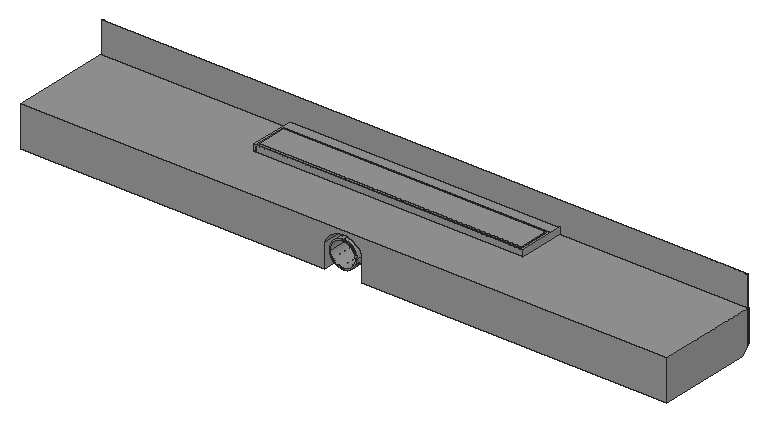
Revit family "HL_Duschrinne_HL531Prblue-A-240222", category Instalační zařizovací předměty, Revit 2021
Family settings
  Kóta kulaté spojky = Použít průměr
  Typ dílu = Normální
  Číslo OmniClass = 23.70.50.21.24.14
  Nadpis OmniClass = Deck Waste Water Drains
  Založené na pracovní rovině = Ne
  Vždy vertikální = Ano
  Ořezat dutým tvarem při načtení = Ne
  Sdílené = Ano
  Bod výpočtu místnosti = Ano
Parameters (values of type "HL_Duschrinne_HL531PrBlue")
  Výchozí výška = 0 mm
  VOLUMENSTROM = 0.0 L/s
  Rechts Schnitt [instance] = 0 mm
  RECHTSAUSKUNFT = "Urheberrechte (©), Designrechte und alle anderen Rechte am geistigen Eigentum, sind ausschließlich Eigentum der Firma HL Hutterer&Lechner GmbH. Änderungen sind nicht gestattet. Die Familien (Teile) sind mit Wasserzeichen geschützt."
  R [instance] = 600 mm - Rechts Schnitt  # 600 mm
  Přípoj ventilace = no
  Výrobce = "HL Hutterer & Lechner GmbH"
  URL = "https://www.hutterer-lechner.com/de/Products/catalog/Barriere-free-showers/Shower-channel/installation-wall-side/HL531PrBlue.aspx"
  Přípoj odpadních dílů = yes
  Přípoj HW = no
  Popis = "Duschrinne"
  Model = ""
  MATERIAL = "PP/ABS/EPS-40/Edelstahl V2A"
  Links Schnitt [instance] = 0 mm
  LEISTUNG = "0,60l/s"
  L [instance] = 600 mm - Links Schnitt  # 600 mm
  Komentáře k typům = "Duschrinne Primus blue mit EPS-Einbauelement, Edelstahlrahmen und Abdeckung Standard"
  Indexovaná poznámka = "HL531PrBlue"
  Přípoj CW = no
  GEWICHT = "2,59 [kg] "
  EINLAUFROST = "Edelstahl V2A 486 x 56 mm"
  EINBAUHÖHE = "75 mm"
  EAN = "9003076051571"
  DURCHMESSER = 50 mm
  DIMENSION = "DN50"
  BELASTUNGSKLASSE = "K3 - 300kg"
  AUFSATZ = "13 mm Rahmen-/Belagshöhe"
Reference planes
  plane 1 "Center (Front/Back)": y = 0
  plane 2: z = 0
  plane 3 "Center (Left/Right)": x = 0
  plane 4 "Ball Joint Vertical": x = 25.45
  plane 5: z = -97
  plane 6: z = -176.683
  plane 7: x = 600
  plane 8: x = -600
Lines and regions (mm)
  model lines, style "InvisibleLines", not visible
    curve 1: line (0, 0, 0) -> (0, 0, 1000)
  symbolic lines, not visible, detail levels coarse+medium
    curve 2: line (-240, 25.024, 0) -> (240, 25.024, 0)
    curve 3: line (-240, -24.976, 0) -> (-240, 25.024, 0)
    curve 4: line (240, -24.976, 0) -> (-240, -24.976, 0)
    curve 5: line (240, 25.024, 0) -> (240, -24.976, 0)
  model lines, detail levels coarse+medium
    curve 6: line (0, 0, 0) -> (0, 0, -53.6)
    curve 7: line (0, 0, -53.6) -> (0, -138.146, -53.6)
    curve 9: line (246.695, 30.727, 0) -> (-246.324, 30.727, 0)
    curve 10: line (246.695, -32.401, 0) -> (246.695, 30.727, 0)
    curve 11: line (-246.324, -32.401, 0) -> (246.695, -32.401, 0)
    curve 12: line (-246.324, 30.727, 0) -> (-246.324, -32.401, 0)
  symbolic lines, detail levels coarse+medium
    curve 8: line (0, -147.03, 0) -> (0, -24.976, 0)
    curve 13: line (-249.943, 0, 0) -> (250.057, 0, 0)
    curve 14: line (-249.943, 0, -27.977) -> (-249.943, 0, 0)
    curve 15: line (250.057, 0, -27.977) -> (-249.943, 0, -27.977)
    curve 16: line (250.057, 0, 0) -> (250.057, 0, -27.977)
Text (mm)
  text "FLOOR" at (-229.539, 0, -42.992), in view "Konstruktionsansicht"
Dimensions and locks
  locked: plane 4 "Ball Joint Vertical" to plane 3 "Center (Left/Right)" at 25.45
  "L": plane 8 to plane 3 "Center (Left/Right)"
  "R": plane 3 "Center (Left/Right)" to plane 7
  aligned and locked: level to plane 2
Automatic sketch dimensions
  curve 7 to plane 1 "Center (Front/Back)" = 0 mm
  level to curve 6 = 0 mm
  plane 5 to curve 7 = 43.4 mm
  plane 1 "Center (Front/Back)" to curve 7 = 138.146 mm
  curve 13 to level = 0 mm
  curve 1 to plane 3 "Center (Left/Right)" = 0 mm
  curve 14 to plane 3 "Center (Left/Right)" = 249.943 mm
  plane 4 "Ball Joint Vertical" to curve 13 = 224.607 mm
  curve 16 to level = 27.977 mm
  level to curve 1 = 1000 mm
  curve 8 to plane 3 "Center (Left/Right)" = 0 mm
  plane 1 "Center (Front/Back)" to curve 12 = 32.401 mm
  curve 12 to plane 3 "Center (Left/Right)" = 246.324 mm
  plane 4 "Ball Joint Vertical" to curve 11 = 221.245 mm
  curve 9 to plane 1 "Center (Front/Back)" = 30.727 mm
  plane 1 "Center (Front/Back)" to curve 8 = 147.03 mm
  plane 1 "Center (Front/Back)" to curve 8 = 24.976 mm
Nested families
  nested 1: "HL-Duschrinne-HL531PrBlue.0" at (0, 51.854, 0), Links Schnitt <- "Links Schnitt", Rechts Schnitt <- "Rechts Schnitt", type "HL_Duschrinne_HL531PrBlue.0"
    with x 250 mm, Rechts Schnitt 0 mm, Rcut 600 mm, Links Schnitt 0 mm, Lcut 600 mm
  nested 2: "HL-Abdeckung_Standard-HL0531PrBlue-S" at (0, 0, 0), type "HL_Abdeckung_Standard_HL0531PrBlue-S_vymena"
Connectors
  piping at (0, -138.146, -49.097), diameter 50, driven by "DURCHMESSER", driven by "VOLUMENSTROM"
    settings: on curve 7, index 1, connector inside diameter 609.6 mm, connector length 0 mm, flow factor 0, pipe flow 0.0 L/s, pressure drop 0.0 Pa, fitting loss kfactor 0, connector angle 0.00°, fixture units 0, engagement length 0 mm, angle of deflection 0.00°, flow configuration 1, flow direction 2, fitting loss method 0, system type 16, joint type 0, gender type 0, connector reference index -1, connector utility 0, adjustable connector yes, is connector primary yes, connector description ""
Definition of nested family "HL-Duschrinne-HL531PrBlue.0"
  Parameters (values of type "HL_Duschrinne_HL531PrBlue.0")
    x [instance] = if((Lcut) < 300 mm, -1 mm, if((Lcut) > 600 mm, -1 mm, if((Rcut) < 300 mm, -1 mm, if((Rcut) > 600 mm, -1 mm, 250 mm))))  # 250 mm
    Waste Connection = yes
    Default Elevation = 0 mm
    Vent Connection = no
    Manufacturer = "HL Hutterer & Lechner GmbH"
    URL = "https://www.hutterer-lechner.com/de/Products/catalog/Barriere-free-showers/Shower-channel/installation-wall-side/HL531PrBlue.0.aspx"
    Rechts Schnitt [instance] = 0 mm
    Rcut [instance] = cmax - Rechts Schnitt  # 600 mm
    cmin = 300 mm
    cmax = 600 mm
    RECHTSAUSKUNFT = "Urheberrechte (©), Designrechte und alle anderen Rechte am geistigen Eigentum, sind ausschließlich Eigentum der Firma HL Hutterer&Lechner GmbH. Änderungen sind nicht gestattet. Die Familien (Teile) sind mit Wasserzeichen geschützt."
    MATERIAL = "PP/ABS/EPS-40/Edelstahl V2A"
    Links Schnitt [instance] = 0 mm
    Lcut [instance] = cmax - Links Schnitt  # 600 mm
    LEISTUNG = "0,60l/s"
    Assembly Code = ""
    INSTALATION HEIGHT = "75 mm"
    HW Connection = no
    Description = "Duschrinne"
    Model = ""
    Type Comments = "Duschrinne Primus blue mit EPS-Einbauelement und Edelstahlrahmen, ohne Abdeckung"
    Keynote = "HL531PrBlue.0"
    GEWICHT = "2,178 [kg] "
    EAN = "9003076051595"
    DIMENSION = "DN50"
    CW Connection = no
    BELASTUNGSKLASSE = "K3 - 300kg"
    AUFSATZ = "13 mm Rahmen-/Belagshöhe"
  Reference planes
    plane 1 "Center (Front/Back)": y = 0
    plane 2: z = 0
    plane 3 "Center (Left/Right)": x = 0
    plane 4 "Ball Joint Vertical": x = 25.45
    plane 5: x = 600
    plane 6: x = -600
  Forms (mm)
    Extrusion 1, solid, detail levels fine
      sketch origin (0, 0, 0) x (1, 0, 0) y (0, 0, 1)
        loop
          circle (0, -50.152) r 25
        loop
          circle (0, -50.152) r 23.012
      from 190.513 to 129.443
    Extrusion 2, solid, detail levels fine
      sketch origin (0, 0, 0) x (1, 0, 0) y (0, 1, 0)
        loop
          line (600, 0) -> (250.057, 0) -> (250.057, -86) -> (-249.943, -86) -> (-249.943, 0) -> (-600, 0) -> (-600, -190) -> (600, -190) -> (600, 0)
      from -11.073 to -86.014
    Sweep 3, void
      path origin (0, 0, 0) x (1, 0, 0) y (0, 1, 0)
        loop
          line (0.057, -190) -> (0.057, -129.443)
      profile origin (0.057, -159.721, 0) x (-1, 0, 0) y (0, 0, 1)
        loop
          line (-34.009, -86.014) -> (34.123, -86.014) -> (34.123, -41.014)
          arc (34.123, -41.014) -> (21.022, -23.482) -> (0.057, -17.202) r 34.892
          arc (0.057, -17.202) -> (-20.908, -23.482) -> (-34.009, -41.014) r 34.892
          line (-34.009, -41.014) -> (-34.009, -86.014)
        loop
          circle (0.057, -50.152) r 25
    Sweep 4, void
      path origin (0, 0, 0) x (1, 0, 0) y (0, 1, 0)
        loop
          line (0, -190.513) -> (0, -81.786)
      profile origin (0, -136.15, 0) x (-1, 0, 0) y (0, 0, 1)
        loop
          circle (0, -50.152) r 23.012
    Extrusion 5, solid, detail levels fine
      sketch origin (0, 0, 0) x (1, 0, 0) y (0, 1, 0)
        loop
          line (-249.943, -86) -> (250, -86) -> (250, 0) -> (-249.943, 0) -> (-249.943, -86)
        loop
          line (-246.324, -84.255) -> (246.695, -84.255) -> (246.695, -21.127) -> (-246.324, -21.127) -> (-246.324, -84.255)
      from 0 to -27.977
    Extrusion 6, solid, detail levels fine
      sketch origin (0, 0, 0) x (1, 0, 0) y (0, 1, 0)
        loop
          line (250.057, -86) -> (250.057, 0) -> (-249.943, 0) -> (-249.943, -86) -> (250.057, -86)
        loop
          line (90.224, -30.044) -> (-90.224, -30.044)
          arc (-90.224, -30.044) -> (-111.717, -51.537) -> (-90.224, -73.029) r 21.493
          line (-90.224, -73.029) -> (90.224, -73.029)
          arc (90.224, -73.029) -> (111.717, -51.537) -> (90.224, -30.044) r 21.493
      from -27.977 to -53.61
    Extrusion 7, solid, detail levels fine
      sketch origin (0, 0, 0) x (1, 0, 0) y (0, 1, 0)
        loop
          line (-249.943, -86) -> (250.057, -86) -> (250.057, 0) -> (-249.943, 0) -> (-249.943, -86)
      from -53.61 to -86.014
    Sweep 8, void
      path origin (0, 0, 0) x (1, 0, 0) y (0, 1, 0)
        loop
          line (-719.943, 0) -> (720.057, 0)
      profile origin (0.057, 0, 0) x (0, 1, 0) y (0, 0, 1)
        loop
          line (-16.321, -87.335) -> (0.844, -87.335) -> (0.844, -70.169) -> (-16.321, -87.335)
    Extrusion 9, solid, detail levels fine
      sketch origin (0, 0, 0) x (1, 0, 0) y (0, 1, 0)
        loop
          line (50, -27.393) -> (-50, -27.393)
          arc (-50, -27.393) -> (-74.461, -51.854) -> (-50, -76.316) r 24.461
          line (-50, -76.316) -> (50, -76.316)
          arc (50, -76.316) -> (74.461, -51.854) -> (50, -27.393) r 24.461
      from -15.202 to -53.61
    Extrusion 10, solid, detail levels fine
      sketch origin (0, 0, 0) x (1, 0, 0) y (0, 1, 0)
        loop
          line (-600, 0) -> (-600, -1) -> (600, -1) -> (600, 0) -> (-600, 0)
      from 45.595 to -72.633
  Cuts and joins
    Sweep 3, Sweep 4, Sweep 8 cuts Extrusion 2
    Sweep 8 cuts Extrusion 6
    Sweep 8 cuts Extrusion 7
    joined: Extrusion 2, Extrusion 6, Extrusion 7
    Sweep 4 cuts Extrusion 1
  Text (mm)
    text "ROOF/FLOOR" at (-198.233, 0, -26.556), in view "Konstruktionsansicht"
  Dimensions and locks
    locked: plane 4 "Ball Joint Vertical" to plane 3 "Center (Left/Right)" at 25.45
    "Rcut": plane 3 "Center (Left/Right)" to plane 5
    "Lcut": plane 6 to plane 3 "Center (Left/Right)"
    "x": plane 3 "Center (Left/Right)" to Extrusion 5
    locked: Sweep 8 sketch curve to plane 3 "Center (Left/Right)" at 719.943
    locked: plane 3 "Center (Left/Right)" to Sweep 8 sketch curve at 720.057
    aligned and locked: level to plane 2
    aligned and locked: Extrusion 6 to Extrusion 5
    aligned and locked: Extrusion 7 to Extrusion 6
    aligned and locked: Extrusion 9 to cut or joined group of Extrusion 2, Sweep 3, Sweep 4, Extrusion 6, Extrusion 7, Sweep 8
    aligned and locked: plane 5 to Extrusion 2
    aligned and locked: Extrusion 2 to plane 6
    aligned and locked: Extrusion 10 to cut or joined group of Extrusion 2, Sweep 3, Sweep 4, Extrusion 6, Extrusion 7, Sweep 8
    aligned and locked: cut or joined group of Extrusion 2, Sweep 3, Sweep 4, Extrusion 6, Extrusion 7, Sweep 8 to Extrusion 10
  Automatic sketch dimensions
    Extrusion 1 sketch curve to Extrusion 1 sketch curve = 0 mm  (x2)
    Extrusion 1 sketch curve to plane 3 "Center (Left/Right)" = 0 mm
    Extrusion 1 sketch curve to level = 50.152 mm
    plane 1 "Center (Front/Back)" to Extrusion 2 sketch curve = 0 mm  (x2)
    Extrusion 2 sketch curve to plane 6 = 0 mm
    Extrusion 2 sketch curve to plane 5 = 0 mm
    plane 1 "Center (Front/Back)" to Extrusion 2 sketch curve = 86 mm
    Extrusion 2 sketch curve to plane 3 "Center (Left/Right)" = 249.943 mm
    plane 4 "Ball Joint Vertical" to Extrusion 2 sketch curve = 224.607 mm
    plane 1 "Center (Front/Back)" to Extrusion 2 sketch curve = 190 mm
    plane 3 "Center (Left/Right)" to Sweep 3 sketch curve = 0.057 mm
    plane 1 "Center (Front/Back)" to Sweep 3 sketch curve = 190 mm
    Sweep 3 sketch curve to Sweep 3 sketch curve = 60.557 mm
    Sweep 3 sketch curve to Sweep 3 sketch curve = 0 mm  (x3)
    profile plane to Sweep 3 sketch curve = 34.009 mm
    profile plane to Sweep 3 sketch curve = 0.918 mm
    Sweep 3 sketch curve to profile plane = 0.057 mm
    Sweep 3 sketch curve to profile plane = 1.032 mm
    Sweep 3 sketch curve to profile plane = 34.123 mm
    Sweep 3 sketch curve to level = 86.014 mm
    Sweep 3 sketch curve to Sweep 3 sketch curve = 33.933 mm
    Sweep 3 sketch curve to Sweep 3 sketch curve = 1.929 mm
    Sweep 3 sketch curve to Sweep 3 sketch curve = 9.138 mm  (x2)
    Sweep 3 sketch curve to Sweep 3 sketch curve = 9.066 mm
    Sweep 4 sketch curve to plane 3 "Center (Left/Right)" = 0 mm
    plane 1 "Center (Front/Back)" to Sweep 4 sketch curve = 190.513 mm
    plane 1 "Center (Front/Back)" to Sweep 4 sketch curve = 81.786 mm
    Sweep 4 sketch curve to Sweep 4 sketch curve = 0 mm  (x2)
    Sweep 4 sketch curve to profile plane = 0 mm
    Sweep 4 sketch curve to level = 50.152 mm
    profile plane to Sweep 4 sketch curve = 23.012 mm
    plane 1 "Center (Front/Back)" to Extrusion 5 sketch curve = 0 mm
    Extrusion 5 sketch curve to plane 3 "Center (Left/Right)" = 249.943 mm
    Extrusion 5 sketch curve to Extrusion 5 sketch curve = 3.619 mm
    plane 1 "Center (Front/Back)" to Extrusion 5 sketch curve = 84.255 mm
    plane 4 "Ball Joint Vertical" to Extrusion 5 sketch curve = 221.245 mm
    Extrusion 5 sketch curve to Extrusion 5 sketch curve = 3.305 mm
    Extrusion 5 sketch curve to Extrusion 5 sketch curve = 1.745 mm
    plane 1 "Center (Front/Back)" to Extrusion 5 sketch curve = 21.127 mm
    plane 1 "Center (Front/Back)" to Extrusion 6 sketch curve = 0 mm
    plane 1 "Center (Front/Back)" to Extrusion 6 sketch curve = 86 mm
    Extrusion 6 sketch curve to plane 3 "Center (Left/Right)" = 249.943 mm
    Extrusion 6 sketch curve to plane 3 "Center (Left/Right)" = 90.224 mm
    plane 1 "Center (Front/Back)" to Extrusion 6 sketch curve = 30.044 mm
    plane 4 "Ball Joint Vertical" to Extrusion 6 sketch curve = 64.774 mm
    Extrusion 6 sketch curve to Extrusion 6 sketch curve = 159.833 mm
    Extrusion 6 sketch curve to Extrusion 6 sketch curve = 42.985 mm
    plane 1 "Center (Front/Back)" to Extrusion 7 sketch curve = 0 mm
    Extrusion 7 sketch curve to plane 3 "Center (Left/Right)" = 249.943 mm
    plane 4 "Ball Joint Vertical" to Extrusion 7 sketch curve = 224.607 mm
    Extrusion 7 sketch curve to Extrusion 7 sketch curve = 86 mm
    profile plane to Sweep 8 sketch curve = 16.321 mm
    Sweep 8 sketch curve to profile plane = 0.844 mm
    Sweep 8 sketch curve to level = 87.335 mm
    Sweep 8 sketch curve to Sweep 8 sketch curve = 17.166 mm
    Extrusion 9 sketch curve to plane 3 "Center (Left/Right)" = 50 mm
    plane 4 "Ball Joint Vertical" to Extrusion 9 sketch curve = 24.55 mm
    plane 1 "Center (Front/Back)" to Extrusion 9 sketch curve = 76.316 mm
    Extrusion 9 sketch curve to Extrusion 9 sketch curve = 24.461 mm
    Extrusion 10 sketch curve to plane 6 = 0 mm
    Extrusion 10 sketch curve to plane 5 = 0 mm
    plane 1 "Center (Front/Back)" to Extrusion 10 sketch curve = 0 mm
    plane 1 "Center (Front/Back)" to Extrusion 10 sketch curve = 1 mm
    plane 1 "Center (Front/Back)" to Sweep 8 sketch curve = 0 mm
    radius of Extrusion 1 sketch curve = 25 mm
    radius of Extrusion 1 sketch curve = 23.012 mm
Definition of nested family "HL-Abdeckung_Standard-HL0531PrBlue-S"
  Parameters (values of type "HL_Abdeckung_Standard_HL0531PrBlue-S")
    Waste Connection = yes
    Default Elevation = 0 mm
    Vent Connection = no
    Manufacturer = "HL Hutterer & Lechner GmbH"
    URL = "https://www.hutterer-lechner.com/de/Products/catalog/Barriere-free-showers/Shower-channel/installation-wall-side/HL0531PrBlue-S.aspx"
    RECHTSAUSKUNFT = "Urheberrechte (©), Designrechte und alle anderen Rechte am geistigen Eigentum, sind ausschließlich Eigentum der Firma HL Hutterer&Lechner GmbH. Änderungen sind nicht gestattet. Die Familien (Teile) sind mit Wasserzeichen geschützt."
    MATERIAL = "Edelstahl V2A"
    Assembly Code = ""
    HW Connection = no
    Description = "Duschrinne - Zubehör"
    Model = ""
    Type Comments = "Abdeckung Standard zu HL531Prblue(.0)"
    Keynote = "HL0531PrBlue-S"
    GEWICHT = "0,413 [kg] "
    EAN = "9003076051717"
    DIMENSION = "486x56 mm"
    CW Connection = no
    BELASTUNGSKLASSE = "K3 - 300kg"
  Reference planes
    plane 1 "Center (Front/Back)": y = 0
    plane 2: z = 0
    plane 3 "Center (Left/Right)": x = 0
    plane 4 "Ball Joint Vertical": x = 25.45
  Forms (mm)
    Sweep 1, solid, detail levels fine
      path origin (0, 0, 0) x (1, 0, 0) y (0, 1, 0)
        loop
          line (243, 0) -> (-243, 0)
      profile origin (0, 0, 0) x (0, -1, 0) y (0, 0, 1)
        loop
          line (0, 0.018) -> (-28, 0.018) -> (-28, -25.482) -> (-26.5, -25.482) -> (-26.5, -1.482) -> (0, -1.482) -> (26.5, -1.482) -> (26.5, -25.482) -> (28, -25.482) -> (28, 0.018) -> (0, 0.018)
    Extrusion 2, void
      sketch origin (0, 0, 0) x (1, 0, 0) y (0, 0, 1)
        loop
          line (-211.907, -11.482) -> (-225.841, -35.617) -> (-124.148, -35.617) -> (-138.083, -11.482) -> (-211.907, -11.482)
        loop
          line (-101.899, -11.468) -> (-115.841, -35.617) -> (115.852, -35.617) -> (101.909, -11.468) -> (-101.899, -11.468)
        loop
          line (138.083, -11.482) -> (124.148, -35.617) -> (225.852, -35.617) -> (211.917, -11.482) -> (138.083, -11.482)
      from 50 to -50
  Cuts and joins
    Extrusion 2 cuts Sweep 1
  Text (mm)
    text "ROOF/FLOOR" at (-198.233, 0, -26.556), in view "Konstruktionsansicht"
  Dimensions and locks
    locked: plane 4 "Ball Joint Vertical" to plane 3 "Center (Left/Right)" at 25.45
    aligned and locked: level to plane 2
